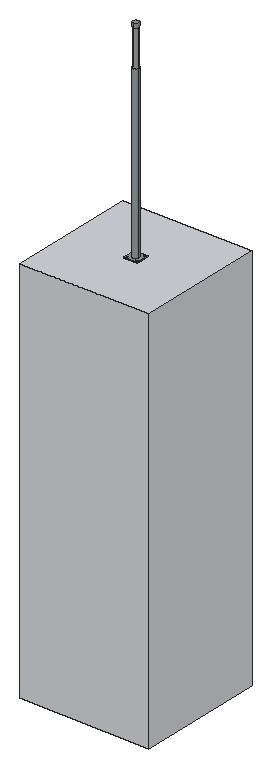
Revit family "Комплект Ферал", category Осветительные приборы, Revit 2018
Family settings
  Основа = Грань
  Размер круглого соединителя = Использовать диаметр
  Тип детали = Нормальный
  При загрузке вырезать с полостями = Нет
  Источник света = Да
  Общий = Нет
  Точка расчета площади = Нет
Parameters (values of type "Осветительный комплект-4,0-цл "Ферал" LED-55/727/YW360F в комплекте с закладной")
  built-in parameter 1150104 = 13.8 (stored number, unit not read)
  Электронный адрес изготовителя = "opora@bl-g.ru"  # constant formula
  Цветопередача = 70
  built-in parameter 1150134 = 12
  Характеристика заземления = "Болт заземления М10"
  Файл фотометрической сетки = "LED_50 .ies"
  Угол наклона = 90.00°
  Толщина металла опоры = 6 mm
  Тип фиксации опоры к закладной = "Болт"
  Тип продукции = "Опоры несиловые фланцевые (Тип НФ)"
  Тип опоры = "Не силовая"
  Тип монтажной поверхности = "грунт"
  Тип источника света = "LED"
  Тип КСС = "ШОС"
  Телефон изготовителя = "+7 (495) 785-50-28"  # constant formula
  Срок службы = "25 лет"
  Способ установки = "Ф"
  built-in parameter 1150137 = (empty or 0)
  built-in parameter 1150132 = 2
  built-in parameter 1150114 = 1 (stored number, unit not read)
  Dimming Lamp Color Temperature Shift = (empty or 0)
  built-in parameter 1150105 = 105.63 (stored number, unit not read)
  Серия = "Опоры несиловые фланцевые (Тип НФ)"
  Color Filter = 16777215
  Lumens = 4250 lm
  Световая отдача = 85
  Сайт изготовителя = "https://www.opora-e.com/"  # constant formula
  Провод питания = "Подземный"
  built-in parameter 1150109 = 1 (stored number, unit not read)
  built-in parameter 1150112 = 1 (stored number, unit not read)
  built-in parameter 1150110 = 1 (stored number, unit not read)
  built-in parameter 1150113 = 1 (stored number, unit not read)
  built-in parameter 1150115 = 1 (stored number, unit not read)
  built-in parameter 1114218 = 1 (stored number, unit not read)
  built-in parameter 1114217 = 1 (stored number, unit not read)
  Покрытие = "Защитное горячее оцинкование (Ц)"
  Default Elevation = 1219.2 mm
  built-in parameter 1150106 = 1.0563 (stored number, unit not read)
  Описание = "Опоры данной серии предназначены для освещения любых объектов с установкой кронштейнов с большим\r\nколичеством светильников, для подвеса проводов СИП и установки рекламных и иных конструкций. Опоры\r\nудовлетворяют требованиям прочности при воздействии нормированной боковой статической нагрузки."  # constant formula
  Область использования = "Уличное освещение"
  built-in parameter 1150142 = "IESNA:LM-63-1995\r\n[TEST] Протокол №R/12\r\r\n[DATA] 17.12.2015\r\r\n[MORE] Измерение ИЦ ВНИСИ, гониофотометр RIGO-801, ПСД\r\r\n[MANUFAC] ATTEC\r\r\n[LUMCAT] \r\r\n[LUMINAIRE] АВЕ?? LED-50\r\r\n[LAMPCAT] \r\r\n[LAMP] СД 50 Вт\r\nTILT=NONE\r\n1    5500 5.5 37 1 1 2 0.470 0.470 0.810\r\n1.0 1.0 50\r\n0.0 5.0 10.0 15.0 20.0 25.0 30.0 35.0 40.0 45.0 50.0 55.0 60.0 65.0 70.0 75.0 80.0 85.0 90.0 95.0 100.0 105.0 110.0 115.0 120.0 125.0 130.0 135.0 140.0 145.0 150.0 155.0 160.0 165.0 170.0 175.0 180.0\r\n0.0\r\n86.4 77.7 81.3 89.9 101.5 111.5 119.4 125.9 131.7 135.2 136.7 135.2 131.7 126.6 119.4 110.8 102.2 92.1 84.2 77.0 69.1 62.6 55.4 49.6 43.9 38.9 32.4 26.7 20.8 13.6 8.6 5.0 2.9 2.9 2.9 2.9 2.9\r\n86.4 77.7 81.3 89.9 101.5 111.5 119.4 125.9 131.7 135.2 136.7 135.2 131.7 126.6 119.4 110.8 102.2 92.1 84.2 77.0 69.1 62.6 55.4 49.6 43.9 38.9 32.4 26.7 20.8 13.6 8.6 5.0 2.9 2.9 2.9 2.9 2.9\r\n"
  Наличие лючка = yes
  built-in parameter 1150133 = 10 (stored number, unit not read)
  Wattage = 28.6114 W
  Материал рассеивателя = Ударопрочный поликарбонат
  Максимальный вес оборудования = 19
  Максимальное горизонтальное усилие = 0
  Коэффициент пульсации = "не более 5%"
  built-in parameter 1150139 = (empty or 0)
  Климатическое исполнение = "У1"
  Климатическая зона = "III"
  Класс светораспределения = "рассеяный"
  Класс защиты от поражения электрическим током = "I"
  Класс Защиты = "1"
  built-in parameter 1150138 = (empty or 0)
  built-in parameter 1150107 = 4000 (stored number, unit not read)
  built-in parameter 1150102 = (empty or 0)
  Emit from Line Length = 609.6 mm
  Изготовитель = [ADSK_Завод-изготовитель]  # "ООО «ОПОРА ИНЖИНИРИНГ»"
  Допустимые ветровые нагрузки = ""
  Диапазон цветовой температуры = "2700-4000"
  Группа модели = "Опоры"
  Г = 97 mm
  Возможный угол наклона = "0"  # constant formula
  Вид опоры = "НФ"
  h1 = 1500 mm
  URL = "https://opora-e.com/"
  IP = "65"
  IK = "08"
  H = 4000 mm
  Dн = 159 mm
  Dв = 108 mm
  B = 450 mm
  ADSK_Энергоэффективность = 98 lm/W
  ADSK_Ток = ADSK_Номинальная мощность / (ADSK_Коэффициент мощности * ADSK_Напряжение * sqrt(ADSK_Количество фаз))  # 0.251716 A
  ADSK_Размер_Ширина = 250 mm
  ADSK_Размер_Длина = 250 mm
  ADSK_Примечание = ""
  ADSK_Полная мощность = ADSK_Номинальная мощность / ADSK_Коэффициент мощности  # 57.8947 W
  ADSK_Позиция = ""
  ADSK_Обозначение = "ГОСТ Р 1.4 – 2004, ГОСТ Р 1.5 – 2004, ГОСТ 16350-80, ГОСТ Р 1.12 – 2004, ГОСТ 8732-78, ГОСТ 10704-81, ГОСТ 11533-75, ГОСТ 27772-88*, ГОСТ 14771 -76, ГОСТ 23518-79, ГОСТ 14776-79*, ГОСТ 9.032-74* ЕСЗК, ГОСТ 9.307-89 ЕСЗК, ГОСТ 23118-99, ГОСТ 24297-87, ГОСТ 15.309-98, ГОСТ Р 15.201-2002"
  ADSK_Номинальная мощность = 55 W
  ADSK_Напряжение = 230 V
  ADSK_Наименование краткое = "4,0-цл \"Ферал\" LED-55/727/YW360F"
  ADSK_Наименование = "Осветительный комплект-4,0-цл \"Ферал\" LED-55/727/YW360F в комплекте с закладной"
  ADSK_Материал = Сталь
  ADSK_Масса_Текст = "98.5"
  ADSK_Масса = 98.5
  ADSK_Марка = ADSK_Наименование  # "Осветительный комплект-4,0-цл \"Ферал\" LED-55/727/YW360F в комплекте с закладной"
  ADSK_Коэффициент мощности = 0.95
  ADSK_Количество фаз = 1
  ADSK_Количество = 1  # constant formula
  ADSK_Код изделия = "19700"
  ADSK_Классификация нагрузок = Освещение
  ADSK_Завод-изготовитель = "ООО «ОПОРА ИНЖИНИРИНГ»"
  ADSK_Единица измерения = "шт."  # constant formula
  ADSK_Группирование = ""
  ADSK_Версия семейства = "1.01"  # constant formula
  ADSK_Версия Revit = "2018"  # constant formula
Types (2, lengths in mm): name | H | ADSK_Наименование краткое | ADSK_Наименование | ADSK_Марка | ADSK_Код изделия
  Осветительный комплект-4,0-цл "Ферал" LED-55/727/YW360F в комплекте с закладной | 4000 | "4,0-цл \"Ферал\" LED-55/727/YW360F" | "Осветительный комплект-4,0-цл \"Ферал\" LED-55/727/YW360F в комплекте с закладной" | "Осветительный комплект-4,0-цл \"Ферал\" LED-55/727/YW360F в комплекте с закладной" | "19700"
  Осветительный комплект-5,0-цл "Ферал" LED-55/727/YW360F в комплекте с закладной | 5000 | "5,0-цл \"Ферал\" LED-55/727/YW360F" | "Осветительный комплект-5,0-цл \"Ферал\" LED-55/727/YW360F в комплекте с закладной" | "Осветительный комплект-5,0-цл \"Ферал\" LED-55/727/YW360F в комплекте с закладной" | "19701"
Reference planes
  plane 1 "По центру (Вперед/Назад)": y = 0
  plane 2: z = 0
  plane 3 "По центру (Влево/Вправо)": x = 0
  plane 4: y = 125
  plane 5: y = -125
  plane 6: x = -125
  plane 7: x = 125
  plane 8: z = 4000
  plane 9: z = 10
  plane 10: z = 3936
  plane 11: y = 49
  plane 12: y = -49
  plane 13: z = -1500
  plane 14: z = 3779.972
Forms (mm)
  Extrusion 1, solid
    sketch origin (0, 0, 0) x (1, 0, 0) y (0, 1, 0)
      loop
        line (-1219.2, 1219.2) -> (-1219.2, -1219.2) -> (1219.2, -1219.2) -> (1219.2, 1219.2) -> (-1219.2, 1219.2)
    from 0 to -7393.267
  Extrusion 2, solid, material "Сталь" <- "ADSK_Материал", detail levels medium+fine
    sketch origin (0, 0, 0) x (1, 0, 0) y (0, 1, 0)
      loop
        line (-125, 125) -> (-125, -125) -> (125, -125) -> (125, 125) -> (-125, 125)
      loop
        circle (-90, 90) r 11.5
      loop
        circle (90, 90) r 11.5
      loop
        circle (-90, -90) r 11.5
      loop
        circle (90, -90) r 11.5
    from 0 to 10
  Revolve 3, solid, material "Ударопрочный поликарбонат" <- "Материал рассеивателя", detail levels fine
    sketch origin (0, 0, 0) x (1, 0, 0) y (0, 0, 1)
      loop
        line (47, 3936) -> (47, 3236) -> (50, 3236) -> (50, 3936) -> (47, 3936)
      axis (0, 3936) -> (0, 3236)
    angle from 0 to 360
  Extrusion 4, solid, material "Сталь" <- "ADSK_Материал"
    sketch origin (72.826, -4572, 2257) x (-1, 0, 0) y (0, -1, 0)
      loop
        circle (72.826, -4572) r 54
    from -2247 to 979
  Extrusion 5, solid, material "Сталь" <- "ADSK_Материал"
    sketch origin (72.826, -4572, 5415.057) x (0, 1, 0) y (1, 0, 0)
      loop
        circle (4572, -72.826) r 54
    from 1415.057 to 1479.057
  Extrusion 6, solid, material "Сталь" <- "ADSK_Материал", detail levels medium+fine
    sketch origin (0, 0, 0) x (0, -1, 0) y (-1, 0, 0)
      loop
        line (-125, 125) -> (-125, -125) -> (125, -125) -> (125, 125) -> (-125, 125)
      loop
        circle (-90, 90) r 11.5
      loop
        circle (-90, -90) r 11.5
      loop
        circle (90, 90) r 11.5
      loop
        circle (90, -90) r 11.5
    from 0 to 10
  Extrusion 7, solid, material "Сталь" <- "ADSK_Материал"
    sketch origin (72.826, -4572, -2257) x (0, 1, 0) y (1, 0, 0)
      loop
        circle (4572, -72.826) r 54
    from -2247 to -757
Dimensions and locks
  equal spacing: plane 6, plane 3 "По центру (Влево/Вправо)", plane 7
  "ADSK_Размер_Длина": plane 6 to plane 7
  equal spacing: plane 4, plane 1 "По центру (Вперед/Назад)", plane 5
  "ADSK_Размер_Ширина": plane 4 to plane 5
  "H": plane 8 to level
  equal spacing: plane 12, plane 1 "По центру (Вперед/Назад)", plane 11
  "h1": level to plane 13
  locked: plane 8 to plane 10 at 64
  locked: plane 10 to Extrusion 4 at 700
  locked: plane 10 to plane 14 at 156.028
  aligned and locked: plane 2 to Extrusion 1
  aligned and locked: level to Extrusion 1
  aligned and locked: Extrusion 2 sketch curve to plane 4
  aligned and locked: plane 6 to Extrusion 2 sketch curve
  aligned and locked: plane 5 to Extrusion 2 sketch curve
  aligned and locked: Extrusion 2 sketch curve to plane 7
  aligned and locked: Extrusion 2 to level
  aligned and locked: Revolve 3 sketch curve to plane 3 "По центру (Влево/Вправо)"
  aligned and locked: Extrusion 5 to plane 10
  aligned and locked: plane 8 to Extrusion 5
  aligned and locked: Extrusion 4 to Extrusion 2
  aligned and locked: Extrusion 6 to Extrusion 7
  aligned and locked: Extrusion 7 to plane 13
  aligned and locked: plane 14 to imposter light
Automatic sketch dimensions
  Extrusion 1 sketch curve to Extrusion 1 sketch curve = 2438.4 mm  (x2)
  plane 6 to Extrusion 2 sketch curve = 35 mm  (x2)
  Extrusion 2 sketch curve to plane 7 = 35 mm  (x2)
  plane 5 to Extrusion 2 sketch curve = 35 mm  (x2)
  Extrusion 2 sketch curve to plane 4 = 35 mm  (x2)
  Revolve 3 sketch curve to plane 10 = 0 mm
  plane 3 "По центру (Влево/Вправо)" to Revolve 3 sketch curve = 47 mm
  Revolve 3 sketch curve to Revolve 3 sketch curve = 3 mm
  Revolve 3 sketch curve to plane 10 = 700 mm
  plane 8 to Revolve 3 sketch curve = 92.5 mm
  Revolve 3 sketch curve to Revolve 3 sketch curve = 55 mm
  plane 1 "По центру (Вперед/Назад)" to Extrusion 4 sketch curve = 0 mm
  Extrusion 4 sketch curve to plane 3 "По центру (Влево/Вправо)" = 0 mm
  plane 1 "По центру (Вперед/Назад)" to Extrusion 5 sketch curve = 0 mm
  Extrusion 5 sketch curve to plane 3 "По центру (Влево/Вправо)" = 0 mm
  Extrusion 6 sketch curve to plane 4 = 0 mm
  Extrusion 6 sketch curve to plane 5 = 0 mm
  Extrusion 6 sketch curve to plane 6 = 0 mm
  Extrusion 6 sketch curve to plane 7 = 0 mm
  Extrusion 6 sketch curve to plane 4 = 35 mm  (x2)
  plane 5 to Extrusion 6 sketch curve = 35 mm  (x2)
  plane 6 to Extrusion 6 sketch curve = 35 mm  (x2)
  Extrusion 6 sketch curve to plane 7 = 35 mm  (x2)
  plane 1 "По центру (Вперед/Назад)" to Extrusion 7 sketch curve = 0 mm
  Extrusion 7 sketch curve to plane 3 "По центру (Влево/Вправо)" = 0 mm
  radius of Extrusion 2 sketch curve = 11.5 mm  (x4)
  radius of Extrusion 4 sketch curve = 54 mm
  radius of Extrusion 5 sketch curve = 54 mm
  radius of Extrusion 6 sketch curve = 11.5 mm  (x4)
  radius of Extrusion 7 sketch curve = 54 mm
Connectors
  electrical at (0, 0, 0), driven by "ADSK_Количество фаз", driven by "ADSK_Классификация нагрузок", driven by "ADSK_Напряжение", driven by "ADSK_Полная мощность", driven by "ADSK_Коэффициент мощности"
    settings: on Extrusion 2, index 1, voltage 230 V, apparent load 57.8947 W, apparent load phase1 0 W, apparent load phase2 0 W, apparent load phase3 0 W, power factor 0.95, load classification "Освещение", number of poles 1, system type 30, power factor state 1, is connector primary yes, connector utility no, sub classification motor no, connector description ""
